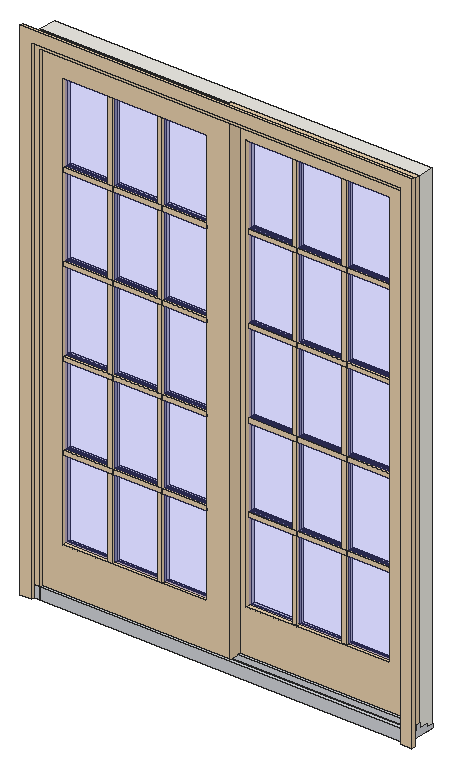
Revit family "Door-Gliding-Andersen-A_Series-Double 3", category Doors, host Wall, Revit 2013
Parameters
  Visual Light Transmittance = 0.4  # constant formula
  Type Comments = "Fiberglass-Clad and Flexacron Finished Wood Gliding Patio Door"  # constant formula
  Thermal Resistance (R) = 0.58698  # 3.3330 (h·ft²·°F)/BTU
  Solar Heat Gain Coefficient = 0.18  # constant formula
  Rough Width = Width + (Rough Opening Offset * 2)  # 6' - 0 1/2"
  Rough Opening Offset = 0' - 0 1/4"
  Rough Height = if(1 > 0, Height + 0' 0 1/2", 0' 0")  # 8' - 0 1/2"
  Masonry Width = if(Enter Exterior Trim Number > 0, Width + ((casing4 + Masonry Opening Offset) * 2), Width + (Masonry Opening Offset * 2))  # 6' - 0 1/2"
  Masonry Opening Offset = 0' - 0 1/4"
  Masonry Height = if(Enter Exterior Trim Number > 0, Height + (casing4 + 0' 0 1/2"), Height + 0' 0 1/2")  # 8' - 0 1/2"
  Learn About These Parameters = "http://www.andersenwindows.com/for-professionals/cad-symbols-bim-support-window-doors/bim-support"
  Interior Material = Wood - Andersen - Pine
  Interior Grille Bar Visibility = yes
  Heat Transfer Coefficient (U) = 1.7035  # 0.3000 BTU/(h·ft²·°F)
  Grille Bar Sizes = "3/4'', 7/8'', 1 1/8'', 2 1/4''"  # constant formula
  Exterior Grille Bar Visibility = yes
  Between Glass Grille Bar Sizes = "3/4'', 1''"  # constant formula
  Interior Trim Visibility = yes
  Grille Bar Size = 0' - 0 7/8"
  Enter Pattern Number = 1
  Analytic Construction = "<None>"
  ..Pattern Number 1 = "Colonial"  # constant formula
  . . Lights Wide = 3
  . . Lights High = 5
  ..Pattern Number 2 = "Modified Colonial"  # constant formula
  ..Pattern Number 3 = "Prairie"  # constant formula
  ..Pattern Number 4 = "Short Fractional"  # constant formula
  ..Pattern Number 5 = "Tall Fractional"  # constant formula
  Extension Jamb Visibility = yes
  Enter Exterior Trim Number = 0
  ..Exterior Trim Number 0 = "No Exterior Trim"  # constant formula
  ..Exterior Trim  Number 1 = "Brick Mould"  # constant formula
  ..Exterior Trim Number 2 = "3 1/2'' Flat Casing"  # constant formula
  ..Exterior Trim  Number 3 = "4 1/2'' Flat Casing"  # constant formula
  Between Glass Grille Bar Visibility = yes
  xjamb Visibility [instance] = and(Extension Jamb Visibility, Wall Depth > 0' 4 9/16")  # no
  xjamb S1 [instance] = if(Wall Depth < 0' 4 5/8", 0' 0 1/16", 0' 0")  # 0' - 0 1/16"
  casingS2 = if(Enter Exterior Trim Number = 1, 0' 0 3/16", 0' 0 3/16")  # 0' - 0 3/16"
  casingS1 = if(Enter Exterior Trim Number = 1, 0' 0 7/16", 0' 0 3/16")  # 0' - 0 3/16"
  casing4 = if(Enter Exterior Trim Number = 1, 0' 1 3/4", if(Enter Exterior Trim Number = 2, 0' 3 1/4", 0' 4 1/4"))  # 0' - 4 1/4"
  casing3 = 0' - 0 1/2"  # constant formula
  casing2 = 0' - 0 7/8"  # constant formula
  casing1 = 0' - 0 1/4"  # constant formula
  Wall Thickness [instance] = 0' - 8"
  Wall Depth [instance] = 0' - 4 9/16"
  Void Offset 1 [instance] = if(Enter Exterior Trim Number > 0, casing4, 0' 0")  # 0' - 0"
  Void Depth [instance] = if(Wall Thickness > Wall Depth, 0' 1" + Wall Thickness - Wall Depth, 0' 1")  # 0' - 4 7/16"
  VGB DLO = if(Enter Pattern Number = 3, 0' 4", (H DLO - (Grille Bar Size * (V Bars))) / if(LWide > 2, LWide, 3))  # 0' - 8.58333"
  V Bars = if(Enter Pattern Number = 3, 2, if(LWide > 2, LWide - 1, 2))  # 2
  URL = "www.andersenwindows.com"
  TS V DLO = Height - HGO - SGO  # 6' - 7 7/8"
  TS V Bar Length = if(or(Enter Pattern Number = 5, Enter Pattern Number = 2), ((((Height - HGO - SGO - (Grille Bar Size * (Fractional Lights High - 1))) / Fractional Lights High)) * TFL) + (TFB * Grille Bar Size), if(Enter Pattern Number = 4, ((Height - HGO - SGO - (Grille Bar Size * (Fractional Lights High - 1))) / Fractional Lights High), Height - HGO - SGO))  # 6' - 7 7/8"
  TS SH DLO = if(or(Enter Pattern Number = 5, Enter Pattern Number = 2), ((((Height - HGO - SGO - (Grille Bar Size * (Fractional Lights High - 1))) / Fractional Lights High)) * TFL) + (TFB * Grille Bar Size) + HGO + (Grille Bar Size / 2), if(Enter Pattern Number = 4, TS V Bar Length + HGO + (Grille Bar Size / 2), (TS V DLO / 2) + HGO))  # 3' - 9 9/16"
  TS S V = or(and(LWide = 2, Enter Pattern Number = 1), and(Fractional Lights Wide = 2, or(or(Enter Pattern Number = 2, Enter Pattern Number = 4), Enter Pattern Number = 5)))  # no
  TS S H Craftsman = and(Enter Pattern Number = 2, or(Fractional Lights High = 4, Fractional Lights High = 5))  # no
  TS S H = or(or(or(and(. . Lights High = 2, Enter Pattern Number = 1), and(Enter Pattern Number = 4, Fractional Lights High > 1)), and(Enter Pattern Number = 5, Fractional Lights High > 1)), and(Enter Pattern Number = 2, Fractional Lights High > 1))  # no
  TS M V = and(Enter Pattern Number > 0, LWide > 2)  # yes
  TS M H = or(or(Enter Pattern Number = 3, and(. . Lights High > 2, Enter Pattern Number = 1)), and(Enter Pattern Number = 2, Fractional Lights High > 5))  # yes
  TS HGB DLO = if(Enter Pattern Number = 1, if(. . Lights High > 2, ((TS V Bar Length - (Grille Bar Size * (. . Lights High - 1))) / . . Lights High), 0' 4"), if(Enter Pattern Number = 3, 0' 4", if(Fractional Lights High > 2, ((TS V Bar Length - (Grille Bar Size * 2)) / 3), 0' 4")))  # 1' - 3.275"
  TS H Bars = if(Enter Pattern Number = 3, 2, if(Enter Pattern Number = 1, if(. . Lights High > 2, . . Lights High - 1, 2), 2))  # 4
  TFL = if(Fractional Lights High > 5, 3, if(or(Fractional Lights High = 4, Fractional Lights High = 5), 2, if(or(Fractional Lights High = 2, Fractional Lights High = 3), 1, 1)))  # 2
  TFB = TFL - 1  # 1
  Sill Interior Offset [instance] = 0' - 0"  # constant formula
  Sill Height [instance] = 0' - 2 3/16"  # constant formula
  Panel Bottom Inset [instance] = 0' - 2 5/32"  # constant formula
  Sill Depth [instance] = 0' - 6 3/16"  # constant formula
  SGO = 0' - 10 1/2"  # constant formula
  Product Documentation Link = "http://www.andersenwindows.com/products/a-series-gliding-patio-door/"
  Panel Width = ((Width / 2) - 0' 1 3/4") + 0' 3"  # 3' - 1 1/4"
  Panel Height [instance] = (CTRL Height - 0' 0 1/2" - Panel Bottom Inset) - 0' 0 15/32"  # 7' - 8 7/8"
  Nail Fin Visibility = Enter Exterior Trim Number = 0  # yes
  Model = "A-Series Gliding"  # constant formula
  Manufacturer = "Andersen Corporation"  # constant formula
  LWide = if(Enter Pattern Number = 3, 3, if(Enter Pattern Number = 1, . . Lights Wide, Fractional Lights Wide))  # 3
  JGO = 0' - 5 5/8"  # constant formula
  Is Gliding = 1 = 1  # yes
  Interior Trim Size = 0' - 2 1/4"
  Horizontal Craftsman Bar Size = 0' - 0 3/4"
  HGO = 0' - 5 5/8"  # constant formula
  H DLO = (Width / 2) - JGO - 0' 2 7/8"  # 2' - 3 1/2"
  Glazing Material = Glass ‐ Andersen - Low-E4 SmartSun
  Function = Exterior
  Height = 8' - 0"
  Wall Closure = By host
  Width = 6' - 0"
  Frame Interior Inset [instance] = 0' - 0"  # constant formula
  Frame Depth [instance] = 0' - 5 7/8"  # constant formula
  Fractional Lights Wide = 3
  Fractional Lights High = 5
  Family Version = "01.01.15"  # constant formula
  Exterior Unit Finish = Fiberglass - Andersen - White
  Exterior Trim Finish = Fibrex Composite - Andersen - White
  Designation = "FWGD"
  Description = "Fiberglass-Clad and Flexacron Finished Wood Gliding Patio Door"  # constant formula
  Coarse Plan [instance] = if(Wall Depth > Wall Thickness, Wall Thickness, Wall Depth)  # 0' - 4 9/16"
  Casing Visibility [instance] = Enter Exterior Trim Number > 0  # no
  CTRL Height [instance] = Height  # 8' - 0"
  Between Glass Grille Bar Finish = Stainless Steel - Andersen - Standard
  BS V DLO = Height - HGO - SGO  # 6' - 7 7/8"
  BS SH DLO = if(Enter Pattern Number = 5, SGO + 0' 4" + (Grille Bar Size / 2), (BS V DLO / 2) + SGO)  # 4' - 2 7/16"
  BS S V = and(LWide = 2, Enter Pattern Number = 1)  # no
  BS S H = no
  BS M V = or(or(and(LWide > 2, Enter Pattern Number = 1), Enter Pattern Number = 3), Enter Pattern Number = 5)  # yes
  BS M H = no
  BS HGB DLO = 0' - 2"
  BS H Bars = 2
Reference planes (in)
  plane 1 "Center (Front/Back)": y = 0
  plane 2 "Center (Left/Right)": x = 0
  plane 3 "R Frame": x = -36
  plane 4 "L Frame": x = 36
  plane 5 "T Frame": z = 96
  plane 6 "Wall S1": y = 3.71875
  plane 7 "Wall S2": y = -4.28125
  plane 8 "Interior Casing": y = -4.90625
  plane 9 "Frame S2": y = -4.28125
  plane 10 "Flange": y = 0.28125
  plane 11 "Frame S1": y = 1.59375
  plane 12 "Casing S2": y = 1.78125
  plane 13 "Casing S1": y = 1.78125
  plane 14 "Exterior Offset": y = 4.71875
  plane 15 "Coarse Detail Plan": y = 1.5625
  plane 16 "R Rough Opening": x = -36.25
  plane 17 "R Casing 1": x = -35.75
  plane 18 "R Casing 2": x = -39.375
  plane 19 "R Casing 3": x = -39.75
  plane 20 "R Casing 4": x = -40.25
  plane 21 "R Masonry Opening": x = -36.25
  plane 22 "L Masonry Opening": x = 36.25
  plane 23 "L Casing 4": x = 40.25
  plane 24 "L Casing 3": x = 39.75
  plane 25 "L Casing 2": x = 39.375
  plane 26 "L Casing 1": x = 35.75
  plane 27 "L Rough Opening": x = 36.25
  plane 28 "T Rough Opening": z = 96.5
  plane 29 "T Casing 1": z = 95.75
  plane 30 "T Casing 2": z = 99.375
  plane 31 "T Casing 3": z = 99.75
  plane 32 "T Casing 4": z = 100.25
  plane 33 "T Masonry Opening": z = 96.5
  plane 34 "R Int Casing": x = -37.5
  plane 35 "R Xjamb 2": x = -35.875
  plane 36 "R Xjamb 1": x = -35.25
  plane 37 "L Int Casing": x = 37.5
  plane 38 "L Xjamb 2": x = 35.875
  plane 39 "L Xjamb 1": x = 35.25
  plane 40 "T Int Casing": z = 97.5
  plane 41 "T Xjamb 2": z = 95.875
  plane 42 "T Xjamb 1": z = 95.25
  plane 43 "L Panel": x = 34.8125
  plane 44 "T Panel": z = 94.82831
  plane 45 "B Panel": z = 1.95331
  plane 46 "B Glazing": z = 10.5
  plane 47 "T Glazing": z = 90.375
  plane 48 "L Glazing": x = 30.375
  plane 49 "R Glazing": x = -30.375
  plane 50 "Panel1 S1": y = -1.88625
  plane 51 "Panel1 S2": y = -3.60625
  plane 52 "Xjamb S1": y = -4.21875
  plane 53 "Frame S2 Ext": y = 1.59375
  plane 54 "Stop Exterior": y = -1.7389
  plane 55 "Stop Interior": y = -2.12494
  plane 56 "Sill Interior": y = -4.28125
  plane 57 "Sill Exterior": y = 1.90625
  plane 58 "L Stop": x = 34.25
  plane 59 "R Stop": x = -34.256
  plane 60 "T Stop": z = 94.256
  plane 61 "Sill Height": z = 2.1875
  plane 62 "Panel2 S1": y = 0.44775
  plane 63 "Panel2 S2": y = -1.27225
  plane 64 "R Panel Width": x = 1.5625
  plane 65 "L Panel Width": x = -1.5625
  plane 66 "R Panel Jamb": x = -2.875
  plane 67 "L Panel Jamb": x = 2.875
  plane 68 "Panel 1 Glazing 1": y = -3.06634
  plane 69 "Panel 1 Glazing 2": y = -2.31634
  plane 70 "Panel 2 Glazing 2": y = -0.73234
  plane 71 "Panel 2 Glazing 1": y = 0.01766
  plane 72 "Panel Elevation Center": z = 48.39081
  plane 73 "Vertical Bar Length": z = 10.5
  plane 74 "Slade Arrow": x = -22.375
  plane 75 "R Panel": x = -34.8125
Forms (in)
  Extrusion 1, void
    sketch origin (0, 0, 0) x (1, 0, 0) y (0, 0, 1)
      loop
        line (36, 96) -> (-36, 96) -> (-36, 0) -> (36, 0) -> (36, 96)
    from -0.28125 to 4.28125
  Extrusion 2, void
    sketch origin (0, 0, 0) x (1, 0, 0) y (0, 0, 1)
      loop
        line (36, 96) -> (-36, 96) -> (-36, 0) -> (36, 0) -> (36, 96)
    from -15.71875 to -0.28125
  Sweep 3, solid, material "Fibrex Composite - Andersen - White" <- "Exterior Trim Finish", visible <- "Casing Visibility", detail levels medium+fine
    path origin (0, 0.28125, 0) x (-1, 0, 0) y (0, 0, 1)
      loop
        line (-40.25, 0) -> (-40.25, 100.25) -> (40.25, 100.25) -> (40.25, 0)
    profile origin (40.25, 0.28125, 50.125) x (1, 0, 0) y (0, 1, 0)
      loop
        line (-0.875, 1.5) -> (-4.5, 1.5) -> (-4.5, 0) -> (0, 0) -> (0, 1.5) -> (-0.5, 1.5) -> (-0.875, 1.5)
  Extrusion 4, solid, material "Fibrex Composite - Andersen - White" <- "Exterior Trim Finish", visible <- "Casing Visibility", detail levels coarse
    sketch origin (0, 0.28125, 0) x (-1, 0, 0) y (0, 0, 1)
      loop
        line (-35.75, 95.75) -> (35.75, 95.75) -> (35.75, 0) -> (40.25, 0) -> (40.25, 100.25) -> (-40.25, 100.25) -> (-40.25, 0) -> (-35.75, 0) -> (-35.75, 95.75)
    from 0 to 1.5
  Extrusion 5, solid, material "Wood - Andersen - Pine" <- "Interior Material", visible <- "Interior Trim Visibility", detail levels fine
    sketch origin (0, 0, 0) x (1, 0, 0) y (0, 0, 1)
      loop
        line (-35.25, 95.25) -> (35.25, 95.25) -> (35.25, 0) -> (37.5, 0) -> (37.5, 97.5) -> (-37.5, 97.5) -> (-37.5, 0) -> (-35.25, 0) -> (-35.25, 95.25)
    from 4.28125 to 4.90625
  Extrusion 6, solid, material "Wood - Andersen - Pine" <- "Interior Material", visible <- "xjamb Visibility", detail levels medium+fine
    sketch origin (0, 0, 0) x (1, 0, 0) y (0, 0, 1)
      loop
        line (-35.875, 0) -> (-35.25, 0) -> (-35.25, 95.25) -> (35.25, 95.25) -> (35.25, 0) -> (35.875, 0) -> (35.875, 95.875) -> (-35.875, 95.875) -> (-35.875, 0)
    from 4.21875 to 4.28125
  Sweep 7, solid, material "Fiberglass - Andersen - White" <- "Exterior Unit Finish", detail levels medium+fine
    path origin (0, 0.01766, 0) x (-1, 0, 0) y (0, 0, 1)
      loop
        line (36, 0) -> (36, 96) -> (0, 96)
    profile origin (-36, 0.01766, 48) x (1, 0, 0) y (0, 1, 0)
      loop
        line (0, 1.57609) -> (0, -1.90391) -> (1.744, -1.90391) -> (1.744, -1.28991) -> (1.1875, -1.28991) -> (1.1875, 0.43009) -> (1.572, 0.43009) -> (1.572, 0.52009) -> (0.75, 0.52009) -> (0.75, 1.57609) -> (0, 1.57609)
  Sweep 8, solid, material "Fiberglass - Andersen - White" <- "Exterior Unit Finish", detail levels medium+fine
    path origin (0, 0.01766, 0) x (-1, 0, 0) y (0, 0, 1)
      loop
        line (-36, 0) -> (-36, 96) -> (0, 96)
    profile origin (36, 0.01766, 48) x (1, 0, 0) y (0, 1, 0)
      loop
        line (0, -1.28991) -> (0, 1.57609) -> (-0.75, 1.57609) -> (-0.75, 0.51959) -> (-1.572, 0.51959) -> (-1.572, 0.43009) -> (-1.1875, 0.43009) -> (-1.1875, -1.28991) -> (0, -1.28991)
  Extrusion 9, solid, material "Wood - Andersen - Pine" <- "Interior Material"
    sketch origin (0, 0.28125, 0) x (-1, 0, 0) y (0, 0, 1)
      loop
        line (-34.8125, 94.82831) -> (-34.8125, 1.95331) -> (0, 1.95331) -> (0, 94.82831) -> (-34.8125, 94.82831)
      loop
        line (-30.375, 90.375) -> (-30.375, 10.5) -> (-2.875, 10.5) -> (-2.875, 90.375) -> (-30.375, 90.375)
    from -1.5535 to -0.26359
  Extrusion 10, solid, material "Wood - Andersen - Pine" <- "Interior Material"
    sketch origin (0, 0.28125, 0) x (-1, 0, 0) y (0, 0, 1)
      loop
        line (0, 94.82831) -> (0, 1.95331) -> (34.8125, 1.95331) -> (34.8125, 94.82831) -> (0, 94.82831)
      loop
        line (2.875, 90.375) -> (2.875, 10.5) -> (30.375, 10.5) -> (30.375, 90.375) -> (2.875, 90.375)
    from -3.8875 to -2.59759
  Extrusion 11, solid, material "Fiberglass - Andersen - White" <- "Exterior Unit Finish"
    sketch origin (0, 0.28125, 0) x (-1, 0, 0) y (0, 0, 1)
      loop
        line (-34.8125, 94.82831) -> (-34.8125, 1.95331) -> (0, 1.95331) -> (0, 94.82831) -> (-34.8125, 94.82831)
      loop
        line (-30.375, 90.375) -> (-30.375, 10.5) -> (-2.875, 10.5) -> (-2.875, 90.375) -> (-30.375, 90.375)
    from -0.26359 to 0.1665
  Extrusion 12, solid, material "Fiberglass - Andersen - White" <- "Exterior Unit Finish"
    sketch origin (0, 0.28125, 0) x (-1, 0, 0) y (0, 0, 1)
      loop
        line (0, 94.82831) -> (0, 1.95331) -> (34.8125, 1.95331) -> (34.8125, 94.82831) -> (0, 94.82831)
      loop
        line (2.875, 90.375) -> (2.875, 10.5) -> (30.375, 10.5) -> (30.375, 90.375) -> (2.875, 90.375)
    from -2.59759 to -2.1675
  Extrusion 13, solid, material "Glass ‐ Andersen - Low-E4 SmartSun" <- "Glazing Material"
    sketch origin (0, 0.28125, 0) x (-1, 0, 0) y (0, 0, 1)
      loop
        line (-30.375, 90.375) -> (-30.375, 10.5) -> (-2.875, 10.5) -> (-2.875, 90.375) -> (-30.375, 90.375)
    from -1.01359 to -0.26359
  Extrusion 14, solid, material "Glass ‐ Andersen - Low-E4 SmartSun" <- "Glazing Material"
    sketch origin (0, 0.28125, 0) x (-1, 0, 0) y (0, 0, 1)
      loop
        line (2.875, 90.375) -> (2.875, 10.5) -> (30.375, 10.5) -> (30.375, 90.375) -> (2.875, 90.375)
    from -3.34759 to -2.59759
  Extrusion 15, solid, material "Fiberglass - Andersen - White" <- "Exterior Unit Finish"
    sketch origin (0, 0, 0) x (1, 0, 0) y (0, 1, 0)
      loop
        line (-1.5625, 0.44775) -> (-1.5625, -1.88625) -> (0, -1.88625) -> (0, 0.44775) -> (-1.5625, 0.44775)
    from 1.95331 to 94.82831
  Extrusion 16, solid, material "Wood - Andersen - Pine" <- "Interior Material"
    sketch origin (0, 0, 0) x (1, 0, 0) y (0, 1, 0)
      loop
        line (0, -1.27225) -> (0, -3.60625) -> (1.5625, -3.60625) -> (1.5625, -1.27225) -> (0, -1.27225)
    from 1.95331 to 94.82831
  Sweep 17, solid, material "Wood - Andersen - Pine" <- "Interior Material", detail levels medium+fine
    path origin (0, 0.28125, 0) x (-1, 0, 0) y (0, 0, 1)
      loop
        line (36, 0) -> (36, 96) -> (-36, 96)
    profile origin (-36, 0.28125, 48) x (1, 0, 0) y (0, 1, 0)
      loop
        line (0, -2.1675) -> (0, -4.5625) -> (1.744, -4.5625) -> (1.744, -3.8875) -> (1.1875, -3.8875) -> (1.1875, -2.1675) -> (0, -2.1675)
  Extrusion 18, solid, material "Wood - Andersen - Pine" <- "Interior Material", detail levels medium+fine
    sketch origin (0, 0, 0) x (1, 0, 0) y (0, 1, 0)
      loop
        line (36, -4.28125) -> (36, -1.27225) -> (34.031, -1.27225) -> (34.031, -2.1896) -> (34.655, -2.70725) -> (34.984, -2.70725) -> (34.984, -4.28125) -> (36, -4.28125)
    from 0 to 96
  Extrusion 19, solid, detail levels medium+fine
    sketch origin (0, 0, 0) x (0, 1, 0) y (0, 0, 1)
      loop
        line (-4.28125, 0) -> (1.90625, 0) -> (1.90625, 0.74863) -> (0.44775, 0.82461) -> (0.44775, 1.29292) -> (-1.27225, 1.46945) -> (-1.27225, 2.1875) -> (-1.88625, 2.1875) -> (-1.88625, 1.18788) -> (-3.60625, 1.42794) -> (-3.60625, 2.1875) -> (-4.28125, 2.1875) -> (-4.28125, 0)
    from -36 to 36
  Extrusion 20, solid, material "Wood - Andersen - Pine" <- "Interior Material", detail levels medium+fine
    sketch origin (0, 0, 0) x (0, 1, 0) y (0, 0, 1)
      loop
        line (-1.27225, 96) -> (-1.88625, 96) -> (-1.88625, 94.256) -> (-1.27225, 94.256) -> (-1.27225, 96)
    from 0 to 36
  Extrusion 21, solid, detail levels medium+fine
    sketch origin (0, 0, 0) x (0, 1, 0) y (0, 0, 1)
      loop
        line (0.44775, 1.95331) -> (-1.27225, 1.95331) -> (-1.27225, 1.46945) -> (0.44775, 1.29292) -> (0.44775, 1.95331)
    from -1.5625 to 34.8125
  Extrusion 22, solid, material "Fiberglass - Andersen - White" <- "Exterior Unit Finish", detail levels coarse
    sketch origin (0, 0.28125, 0) x (-1, 0, 0) y (0, 0, 1)
      loop
        line (-36, 0) -> (-34.8125, 0) -> (-34.8125, 94.82831) -> (34.8125, 94.82831) -> (34.8125, 0) -> (36, 0) -> (36, 96) -> (-36, 96) -> (-36, 0)
    from -1.5535 to 1.3125
  Extrusion 23, solid, detail levels coarse
    sketch origin (0, 0, 0) x (0, 1, 0) y (0, 0, 1)
      loop
        line (1.59375, 1.95331) -> (-4.28125, 1.95331) -> (-4.28125, 0) -> (1.59375, 0) -> (1.59375, 1.95331)
    from -36 to 36
  Extrusion 24, solid, material "Wood - Andersen - Pine" <- "Interior Material", detail levels coarse
    sketch origin (0, 0.28125, 0) x (-1, 0, 0) y (0, 0, 1)
      loop
        line (-36, 0) -> (-34.8125, 0) -> (-34.8125, 94.82831) -> (34.8125, 94.82831) -> (34.8125, 0) -> (36, 0) -> (36, 96) -> (-36, 96) -> (-36, 0)
    from -4.5625 to -1.5535
Cuts and joins
  joined: Sweep 7, Sweep 8
  joined: Extrusion 11, Extrusion 15
  joined: Sweep 17, Extrusion 18, Extrusion 20
  joined: Extrusion 10, Extrusion 16
Lines and regions (in)
  Masking region 1, visible <- "Casing Visibility"
    outline origin (0, 0, 0) x (0, 1, 0) y (0, 0, 1)
      loop
        line (0.28125, 96) -> (1.59375, 96) -> (1.59375, 0) -> (1.78125, 0) -> (1.78125, 100.25) -> (0.28125, 100.25) -> (0.28125, 96)
  Masking region 2
    outline origin (0, 0, 0) x (1, 0, 0) y (0, 1, 0)
      loop
        line (-36, 1.59375) -> (-36, -4.28125) -> (36, -4.28125) -> (36, 1.59375) -> (-36, 1.59375)
  Masking region 3
    outline origin (0, 0, 0) x (0, 1, 0) y (0, 0, 1)
      loop
        line (1.59375, 96) -> (-4.28125, 96) -> (-4.28125, 0) -> (1.90625, 0) -> (1.90625, 0.74863) -> (1.59375, 0.76491) -> (1.59375, 96)
  Masking region 4, visible <- "Casing Visibility", detail levels fine
    outline origin (0, 0, 0) x (1, 0, 0) y (0, 1, 0)
      loop
        line (-39.75, 1.78125) -> (-40.25, 1.78125) -> (-40.25, 0.28125) -> (-36, 0.28125) -> (-36, 1.59375) -> (-35.75, 1.59375) -> (-35.75, 1.78125) -> (-39.375, 1.78125) -> (-39.75, 1.78125)
  Masking region 5, visible <- "Casing Visibility", detail levels fine
    outline origin (0, 0, 0) x (1, 0, 0) y (0, 1, 0)
      loop
        line (39.75, 1.78125) -> (39.375, 1.78125) -> (35.75, 1.78125) -> (35.75, 1.59375) -> (36, 1.59375) -> (36, 0.28125) -> (40.25, 0.28125) -> (40.25, 1.78125) -> (39.75, 1.78125)
  Masking region 6, visible <- "Casing Visibility", detail levels coarse+medium
    outline origin (0, 0, 0) x (1, 0, 0) y (0, 1, 0)
      loop
        line (-40.25, 1.78125) -> (-40.25, 0.28125) -> (-36, 0.28125) -> (-36, 1.78125) -> (-40.25, 1.78125)
  Masking region 7, visible <- "Casing Visibility", detail levels coarse+medium
    outline origin (0, 0, 0) x (1, 0, 0) y (0, 1, 0)
      loop
        line (36, 1.78125) -> (36, 0.28125) -> (40.25, 0.28125) -> (40.25, 1.78125) -> (36, 1.78125)
  Masking region 8, visible <- "Casing Visibility"
    outline origin (0, 1.90625, 0) x (-1, 0, 0) y (0, 0, 1)
      loop
        line (-40.25, 100.25) -> (-40.25, 0) -> (-36, 0) -> (-36, 96) -> (36, 96) -> (36, 0) -> (40.25, 0) -> (40.25, 100.25) -> (-40.25, 100.25)
  Masking region 9, visible <- "Interior Trim Visibility", detail levels fine
    outline origin (0, -4.90625, 0) x (-1, 0, 0) y (0, 0, 1)
      loop
        line (-37.5, 97.5) -> (-37.5, 0) -> (-35.25, 0) -> (-35.25, 95.25) -> (35.25, 95.25) -> (35.25, 0) -> (37.5, 0) -> (37.5, 97.5) -> (-37.5, 97.5)
  Masking region 10
    outline origin (0, -4.28125, 0) x (-1, 0, 0) y (0, 0, 1)
      loop
        line (-36, 96) -> (-36, 0) -> (36, 0) -> (36, 96) -> (-36, 96)
      loop
        line (-34.25, 94.256) -> (-34.25, 2.1875) -> (34.256, 2.1875) -> (34.256, 94.256) -> (-34.25, 94.256)
  Masking region 11
    outline origin (0, 1.90625, 0) x (-1, 0, 0) y (0, 0, 1)
      loop
        line (36, 96) -> (-36, 96) -> (-36, 0) -> (36, 0) -> (36, 96)
      loop
        line (34.256, 94.256) -> (-34.25, 94.256) -> (-34.25, 1.95331) -> (34.256, 1.95331) -> (34.256, 94.256)
  Masking region 12
    outline origin (0, -1.88625, 0) x (-1, 0, 0) y (0, 0, 1)
      loop
        line (34.8125, 94.82831) -> (-1.5625, 94.82831) -> (-1.5625, 1.95331) -> (34.8125, 1.95331) -> (34.8125, 94.82831)
  Masking region 13
    outline origin (0, -1.27225, 0) x (-1, 0, 0) y (0, 0, 1)
      loop
        line (1.5625, 94.82831) -> (-34.8125, 94.82831) -> (-34.8125, 1.95331) -> (1.5625, 1.95331) -> (1.5625, 94.82831)
  Masking region 14, visible <- "Interior Trim Visibility", detail levels fine
    outline origin (0, 0, 0) x (1, 0, 0) y (0, 1, 0)
      loop
        line (-37.5, -4.28125) -> (-37.5, -4.90625) -> (-35.25, -4.90625) -> (-35.25, -4.28125) -> (-37.5, -4.28125)
  Masking region 15, visible <- "xjamb Visibility", detail levels medium+fine
    outline origin (0, 0, 0) x (1, 0, 0) y (0, 1, 0)
      loop
        line (-35.875, -4.21875) -> (-35.875, -4.28125) -> (-35.25, -4.28125) -> (-35.25, -4.21875) -> (-35.875, -4.21875)
  Masking region 16, visible <- "Interior Trim Visibility", detail levels fine
    outline origin (0, 0, 0) x (1, 0, 0) y (0, 1, 0)
      loop
        line (35.25, -4.28125) -> (35.25, -4.90625) -> (37.5, -4.90625) -> (37.5, -4.28125) -> (35.25, -4.28125)
  Masking region 17, visible <- "xjamb Visibility", detail levels medium+fine
    outline origin (0, 0, 0) x (1, 0, 0) y (0, 1, 0)
      loop
        line (35.25, -4.21875) -> (35.25, -4.28125) -> (35.875, -4.28125) -> (35.875, -4.21875) -> (35.25, -4.21875)
  Masking region 18, visible <- "Interior Trim Visibility", detail levels fine
    outline origin (0, 0, 0) x (0, 1, 0) y (0, 0, 1)
      loop
        line (-4.28125, 97.5) -> (-4.90625, 97.5) -> (-4.90625, 0) -> (-4.28125, 0) -> (-4.28125, 97.5)
  Masking region 19, visible <- "xjamb Visibility", detail levels medium+fine
    outline origin (0, 0, 0) x (0, 1, 0) y (0, 0, 1)
      loop
        line (-4.21875, 95.875) -> (-4.28125, 95.875) -> (-4.28125, 0) -> (-4.21875, 0) -> (-4.21875, 95.875)
  Split face 1
    outline origin (0, 0.01766, 96) x (0, 1, 0) y (0, 0, 1)
  symbolic lines, style "DoorsFrameMullionProjection", visible <- "Casing Visibility", detail levels medium+fine
    curve 1: line (0, 1.78125, 99.75) -> (0, 1.78125, 99.375)
    curve 2: line (0, 1.78125, 99.375) -> (0, 1.78125, 95.75)
    curve 3: line (0, 1.78125, 95.75) -> (0, 1.59375, 95.75)
  symbolic lines, style "DoorsFrameMullionProjection", detail levels coarse
    curve 4: line (0, 1.59375, 96) -> (0, 1.78125, 96)
    curve 5: line (34.8125, 1.59375, 2.1562) -> (34.8125, -4.28125, 2.1562)
    curve 56: line (-34.8125, 1.59375, 2.1562) -> (-34.8125, -4.28125, 2.1562)
  symbolic lines, style "DoorsFrameMullionProjection", detail levels medium+fine
    curve 6: line (-35.625, -4.28125, 1.95331) -> (-36, -4.28125, 1.95331)
    curve 90: line (34.8125, 0.44775, 1.38489) -> (34.8125, -1.27225, 1.38489)
    curve 91: line (34.655, -2.70725, 1.38489) -> (34.031, -2.1896, 1.38489)
    curve 92: line (34.984, -2.70725, 1.38489) -> (34.984, -4.28125, 1.38489)
    curve 98: line (34.8125, 0.44775, 0) -> (34.428, 0.44775, 0)
    curve 99: line (34.428, 0.44775, 0) -> (34.428, 0.53725, 0)
    curve 100: line (34.428, 0.53725, 0) -> (35.25, 0.53725, 0)
    curve 101: line (34.031, -1.27225, 0) -> (34.031, -2.1896, 0)
    curve 102: line (34.031, -1.27225, 0) -> (34.8125, -1.27225, 0)
    curve 108: line (-34.256, -3.60625, 0) -> (-34.256, -4.28125, 0)
    curve 109: line (-34.8125, -1.27225, 0) -> (-34.8125, 0.44775, 0)
    curve 110: line (-34.256, -1.27225, 0) -> (-34.8125, -1.27225, 0)
    curve 111: line (-34.256, -1.88625, 0) -> (-34.256, -1.27225, 0)
    curve 112: line (-34.8125, -1.88625, 0) -> (-34.256, -1.88625, 0)
    curve 113: line (-34.8125, -3.60625, 0) -> (-34.8125, -1.88625, 0)
    curve 114: line (-34.256, -3.60625, 0) -> (-34.8125, -3.60625, 0)
    curve 191: line (-34.428, 0.53775, 0) -> (-35.25, 0.53775, 0)
    curve 194: line (-34.428, 0.44775, 0) -> (-34.428, 0.53775, 0)
    curve 195: line (-34.8125, 0.44775, 0) -> (-34.428, 0.44775, 0)
    curve 196: line (-37.625, 0.28125, 0) -> (-36, 0.28125, 0)
    curve 204: line (34.655, -2.70725, 0) -> (34.984, -2.70725, 0)
    curve 208: line (36, 0.28125, 0) -> (37.625, 0.28125, 0)
  symbolic lines, style "DoorsFrameMullionProjection", not visible, detail levels medium+fine
    curve 7: line (32.5625, 1.38525, 1.38489) -> (32.5625, -0.33475, 1.38489)
    curve 8: line (32.405, -1.76975, 1.38489) -> (31.781, -1.2521, 1.38489)
    curve 9: line (32.734, -1.76975, 1.38489) -> (32.734, -3.34375, 1.38489)
    curve 103: line (32.5625, 1.38525, 0) -> (32.178, 1.38525, 0)
    curve 104: line (32.178, 1.38525, 0) -> (32.178, 1.47475, 0)
    curve 105: line (32.178, 1.47475, 0) -> (33, 1.47475, 0)
    curve 106: line (31.781, -0.33475, 0) -> (31.781, -1.2521, 0)
    curve 107: line (31.781, -0.33475, 0) -> (32.5625, -0.33475, 0)
    curve 115: line (32.006, -2.66875, 0) -> (32.006, -3.34375, 0)
    curve 116: line (32.5625, -0.33475, 0) -> (32.5625, 1.38525, 0)
    curve 117: line (32.006, -0.33475, 0) -> (32.5625, -0.33475, 0)
    curve 118: line (32.006, -0.94875, 0) -> (32.006, -0.33475, 0)
    curve 119: line (32.5625, -0.94875, 0) -> (32.006, -0.94875, 0)
    curve 120: line (32.5625, -2.66875, 0) -> (32.5625, -0.94875, 0)
    curve 121: line (32.006, -2.66875, 0) -> (32.5625, -2.66875, 0)
    curve 198: line (32.178, 1.47525, 0) -> (33, 1.47525, 0)
    curve 201: line (32.178, 1.38525, 0) -> (32.178, 1.47525, 0)
    curve 202: line (32.5625, 1.38525, 0) -> (32.178, 1.38525, 0)
    curve 203: line (35.375, 1.21875, 0) -> (33.75, 1.21875, 0)
    curve 209: line (32.405, -1.76975, 0) -> (32.734, -1.76975, 0)
    curve 213: line (33.75, 1.21875, 0) -> (35.375, 1.21875, 0)
  symbolic lines, style "DoorsFrameMullionProjection"
    curve 10: line (0, 0.53775, 95.25) -> (0, 0.53775, 94.428)
    curve 11: line (0, 0.44775, 94.82831) -> (0, -1.27225, 94.82831)
    curve 12: line (0, -1.27225, 94.82831) -> (0, -1.27225, 94.256)
    curve 13: line (0, -1.27225, 94.256) -> (0, -1.88625, 94.256)
    curve 14: line (0, -1.88625, 94.256) -> (0, -1.88625, 94.82831)
    curve 15: line (0, -1.88625, 94.82831) -> (0, -3.60625, 94.82831)
    curve 16: line (0, -3.60625, 94.82831) -> (0, -3.60625, 94.256)
    curve 17: line (0, -3.60625, 94.256) -> (0, -4.28125, 94.256)
    curve 26: line (0, 1.90625, 0) -> (0, 1.90625, 0.74863)
    curve 27: line (0, 1.90625, 0.74863) -> (0, 0.53775, 0.81992)
    curve 28: line (0, 0.53775, 0.81992) -> (0, 0.53775, 1.859)
    curve 29: line (0, 0.53775, 1.859) -> (0, -1.40075, 1.859)
    curve 30: line (0, -1.68075, 2.172) -> (0, -1.68075, 1.1592)
    curve 31: line (0, -1.68075, 1.859) -> (0, -3.75575, 1.859)
    curve 32: line (0, -3.75575, 1.859) -> (0, -3.75575, 1.4488)
    curve 33: line (0, -3.75575, 1.4488) -> (0, -1.68075, 1.1592)
    curve 34: line (0, -1.40075, 1.48264) -> (0, -1.40075, 2.10189)
    curve 35: line (0, -3.75575, 2.172) -> (0, -4.28125, 2.172)
    curve 36: line (0, -4.28125, 2.172) -> (0, -4.28125, 0)
    curve 48: line (-30.375, -1.88625, 90.375) -> (-2.875, -1.88625, 90.375)
    curve 49: line (-30.375, -1.88625, 10.5) -> (-30.375, -1.88625, 90.375)
    curve 50: line (-2.875, -1.88625, 10.5) -> (-30.375, -1.88625, 10.5)
    curve 51: line (-2.875, -1.88625, 90.375) -> (-2.875, -1.88625, 10.5)
    curve 52: line (2.875, -1.27225, 90.375) -> (30.375, -1.27225, 90.375)
    curve 53: line (2.875, -1.27225, 10.5) -> (2.875, -1.27225, 90.375)
    curve 54: line (30.375, -1.27225, 10.5) -> (2.875, -1.27225, 10.5)
    curve 55: line (30.375, -1.27225, 90.375) -> (30.375, -1.27225, 10.5)
    curve 57: line (-34.8125, -1.88625, 1.95331) -> (1.5625, -1.88625, 1.95331)
    curve 58: line (-34.8125, -3.60625, 1.95331) -> (-34.8125, -1.88625, 1.95331)
    curve 59: line (1.5625, -3.60625, 1.95331) -> (-34.8125, -3.60625, 1.95331)
    curve 60: line (1.5625, -1.88625, 1.95331) -> (1.5625, -3.60625, 1.95331)
    curve 61: line (-1.5625, 0.44775, 1.95331) -> (34.8125, 0.44775, 1.95331)
    curve 62: line (-1.5625, -1.27225, 1.95331) -> (-1.5625, 0.44775, 1.95331)
    curve 63: line (34.8125, -1.27225, 1.95331) -> (-1.5625, -1.27225, 1.95331)
    curve 64: line (34.8125, 0.44775, 1.95331) -> (34.8125, -1.27225, 1.95331)
    curve 73: line (0, 0.44775, 1.95331) -> (0, 0.44775, 94.82831)
    curve 74: line (0, -1.27225, 1.95331) -> (0, 0.44775, 1.95331)
    curve 75: line (0, -1.27225, 94.82831) -> (0, -1.27225, 1.95331)
    curve 76: line (0, -1.88625, 1.95331) -> (0, -1.88625, 94.82831)
    curve 77: line (0, -3.60625, 1.95331) -> (0, -1.88625, 1.95331)
    curve 78: line (0, -3.60625, 94.82831) -> (0, -3.60625, 1.95331)
    curve 83: line (0, 0.01766, 90.375) -> (0, 0.01766, 91.26411)
    curve 84: line (0, 0.01766, 91.26411) -> (0, -1.26359, 91.26411)
    curve 85: line (0, -0.73234, 90.375) -> (0, -0.73234, 91.26411)
    curve 122: line (0, 0.53775, 1.28368) -> (0, -1.40075, 1.48264)
    curve 123: line (0, -3.75575, 1.859) -> (0, -3.75575, 2.172)
    curve 126: line (0, -1.26359, 91.26411) -> (0, -1.26359, 90.63911)
    curve 127: line (0, -1.26359, 90.63911) -> (0, -0.73234, 90.375)
    curve 129: line (0, 0.44775, 90.44117) -> (0, 0.01766, 90.375)
    curve 154: line (-1.5625, -1.27225, 0) -> (-1.5625, -1.88625, 0)
    curve 155: line (1.5625, -1.27225, 0) -> (1.5625, -1.88625, 0)
    curve 163: line (0, -2.31634, 90.375) -> (0, -2.31634, 91.26411)
    curve 164: line (0, -2.31634, 91.26411) -> (0, -3.59759, 91.26411)
    curve 165: line (0, -3.06634, 90.375) -> (0, -3.06634, 91.26411)
    curve 166: line (0, -3.59759, 91.26411) -> (0, -3.59759, 90.63911)
    curve 167: line (0, -3.59759, 90.63911) -> (0, -3.06634, 90.375)
    curve 169: line (0, -1.88625, 90.44117) -> (0, -2.31634, 90.375)
    curve 170: line (0, 0.01766, 10.5) -> (0, 0.01766, 9.61089)
    curve 171: line (0, 0.01766, 9.61089) -> (0, -1.26359, 9.61089)
    curve 172: line (0, -0.73234, 10.5) -> (0, -0.73234, 9.61089)
    curve 173: line (0, -1.26359, 9.61089) -> (0, -1.26359, 10.23589)
    curve 174: line (0, -1.26359, 10.23589) -> (0, -0.73234, 10.5)
    curve 176: line (0, 0.44775, 10.43383) -> (0, 0.01766, 10.5)
    curve 177: line (0, -2.31634, 10.5) -> (0, -2.31634, 9.61089)
    curve 178: line (0, -2.31634, 9.61089) -> (0, -3.59759, 9.61089)
    curve 179: line (0, -3.06634, 10.5) -> (0, -3.06634, 9.61089)
    curve 180: line (0, -3.59759, 9.61089) -> (0, -3.59759, 10.23589)
    curve 181: line (0, -3.59759, 10.23589) -> (0, -3.06634, 10.5)
    curve 183: line (0, -1.88625, 10.43383) -> (0, -2.31634, 10.5)
    curve 185: line (36, 1.59375, 0) -> (36, -4.28125, 0)
    curve 187: line (-36, 1.59375, 0) -> (-36, -4.28125, 0)
    curve 189: line (0, 1.59375, 96) -> (0, -4.28125, 96)
    curve 214: line (0, 1.37368, 95.25) -> (0, 0.53775, 95.25)
    curve 215: line (0, 0.53775, 94.428) -> (0, 0.44775, 94.428)
    curve 216: line (0, 0.44775, 94.82831) -> (0, 0.44775, 94.428)
    curve 220: line (0, 0.28125, 97.625) -> (0, 0.28125, 96)
    curve 222: line (0, 1.47049, 95.516) -> (0, 1.37368, 95.25)
    curve 223: line (0, 1.59375, 95.516) -> (0, 1.47049, 95.516)
    curve 226: line (0, -1.68075, 2.172) -> (0, -1.40075, 2.10189)
  symbolic lines, style "DoorsFrameMullionProjection", not visible
    curve 18: line (0, 1.53775, 79.25) -> (0, 1.53775, 78.428)
    curve 19: line (0, 1.44775, 78.82831) -> (0, -0.27225, 78.82831)
    curve 20: line (0, -0.27225, 78.82831) -> (0, -0.27225, 78.256)
    curve 21: line (0, -0.27225, 78.256) -> (0, -0.88625, 78.256)
    curve 22: line (0, -0.88625, 78.256) -> (0, -0.88625, 78.82831)
    curve 23: line (0, -0.88625, 78.82831) -> (0, -2.60625, 78.82831)
    curve 24: line (0, -2.60625, 78.82831) -> (0, -2.60625, 78.256)
    curve 25: line (0, -2.60625, 78.256) -> (0, -3.28125, 78.256)
    curve 37: line (0, 3.65001, 0) -> (0, 3.65001, 0.74863)
    curve 38: line (0, 3.65001, 0.74863) -> (0, 2.28151, 0.81992)
    curve 39: line (0, 2.28151, 0.81992) -> (0, 2.28151, 1.859)
    curve 40: line (0, 2.28151, 1.859) -> (0, 0.34301, 1.859)
    curve 41: line (0, 0.06301, 2.172) -> (0, 0.06301, 1.1592)
    curve 42: line (0, 0.06301, 1.859) -> (0, -2.01199, 1.859)
    curve 43: line (0, -2.01199, 1.859) -> (0, -2.01199, 1.4488)
    curve 44: line (0, -2.01199, 1.4488) -> (0, 0.06301, 1.1592)
    curve 45: line (0, 0.34301, 1.48264) -> (0, 0.34301, 2.10189)
    curve 46: line (0, -2.01199, 2.172) -> (0, -2.53749, 2.172)
    curve 47: line (0, -2.53749, 2.172) -> (0, -2.53749, 0)
    curve 124: line (0, 2.28151, 1.28368) -> (0, 0.34301, 1.48264)
    curve 125: line (0, -2.01199, 1.859) -> (0, -2.01199, 2.172)
    curve 156: line (0, 1.17225, 74.4375) -> (0, 1.17225, 75.32661)
    curve 157: line (0, 1.17225, 75.32661) -> (0, -0.109, 75.32661)
    curve 158: line (0, 0.42225, 74.4375) -> (0, 0.42225, 75.32661)
    curve 159: line (0, -0.109, 75.32661) -> (0, -0.109, 74.70161)
    curve 160: line (0, -0.109, 74.70161) -> (0, 0.42225, 74.4375)
    curve 162: line (0, 1.60234, 74.50367) -> (0, 1.17225, 74.4375)
    curve 217: line (0, 2.37368, 79.25) -> (0, 1.53775, 79.25)
    curve 218: line (0, 1.53775, 78.428) -> (0, 1.44775, 78.428)
    curve 219: line (0, 1.44775, 78.82831) -> (0, 1.44775, 78.428)
    curve 221: line (0, 1.28125, 81.625) -> (0, 1.28125, 80)
    curve 224: line (0, 2.47049, 79.516) -> (0, 2.37368, 79.25)
    curve 225: line (0, 2.59375, 79.516) -> (0, 2.47049, 79.516)
    curve 227: line (0, 0.06301, 2.172) -> (0, 0.34301, 2.10189)
  symbolic lines, style "DoorsGlassProjection", detail levels medium+fine
    curve 65: line (-2.875, -3.06634, 1.95331) -> (-30.375, -3.06634, 1.95331)
    curve 66: line (-30.375, -2.31634, 1.95331) -> (-2.875, -2.31634, 1.95331)
    curve 67: line (30.375, -0.73234, 1.95331) -> (2.875, -0.73234, 1.95331)
    curve 68: line (2.875, 0.01766, 1.95331) -> (30.375, 0.01766, 1.95331)
  symbolic lines, style "DoorsGlassProjection", detail levels fine
    curve 69: line (-2.875, -2.94134, 1.95331) -> (-30.375, -2.94134, 1.95331)
    curve 70: line (-30.375, -2.44134, 1.95331) -> (-2.875, -2.44134, 1.95331)
    curve 71: line (30.375, -0.60734, 1.95331) -> (2.875, -0.60734, 1.95331)
    curve 72: line (2.875, -0.10734, 1.95331) -> (30.375, -0.10734, 1.95331)
    curve 86: line (0, -0.10734, 9.61089) -> (0, -0.10734, 91.26411)
    curve 87: line (0, -0.60734, 91.26411) -> (0, -0.60734, 9.61089)
    curve 88: line (0, -2.44134, 9.61089) -> (0, -2.44134, 91.26411)
    curve 89: line (0, -2.94134, 91.26411) -> (0, -2.94134, 9.61089)
    curve 128: line (0, -0.10734, 90.85786) -> (0, -0.60734, 90.85786)
    curve 145: line (2.39214, -0.60734, 0) -> (2.39214, -0.10734, 0)
    curve 153: line (-2.39214, -2.94134, 0) -> (-2.39214, -2.44134, 0)
    curve 168: line (0, -2.44134, 90.85786) -> (0, -2.94134, 90.85786)
    curve 175: line (0, -0.10734, 10.01714) -> (0, -0.60734, 10.01714)
    curve 182: line (0, -2.44134, 10.01714) -> (0, -2.94134, 10.01714)
    curve 232: line (-2.875, -2.44134, 0) -> (-1.98589, -2.44134, 0)
    curve 233: line (-2.875, -2.94134, 0) -> (-1.98589, -2.94134, 0)
    curve 236: line (2.875, -0.10734, 0) -> (1.98589, -0.10734, 0)
    curve 237: line (2.875, -0.60734, 0) -> (1.98589, -0.60734, 0)
    curve 245: line (-30.85786, -2.94134, 0) -> (-30.85786, -2.44134, 0)
    curve 246: line (-30.375, -2.44134, 0) -> (-31.26411, -2.44134, 0)
    curve 247: line (-30.375, -2.94134, 0) -> (-31.26411, -2.94134, 0)
    curve 255: line (30.85786, -0.60734, 0) -> (30.85786, -0.10734, 0)
    curve 256: line (30.375, -0.10734, 0) -> (31.26411, -0.10734, 0)
    curve 257: line (30.375, -0.60734, 0) -> (31.26411, -0.60734, 0)
  symbolic lines, style "DoorsGlassProjection"
    curve 79: line (0, 0.01766, 10.5) -> (0, 0.01766, 90.375)
    curve 80: line (0, -0.73234, 90.375) -> (0, -0.73234, 10.5)
    curve 81: line (0, -2.31634, 10.5) -> (0, -2.31634, 90.375)
    curve 82: line (0, -3.06634, 90.375) -> (0, -3.06634, 10.5)
  symbolic lines, style "DoorsFrameMullionProjection", visible <- "Interior Trim Visibility", detail levels fine
    curve 93: line (0, -4.28125, 95.25) -> (0, -4.90625, 95.25)
  symbolic lines, style "DoorsFrameMullionProjection", visible <- "xjamb Visibility", detail levels medium+fine
    curve 94: line (0, -4.21875, 95.25) -> (0, -4.28125, 95.25)
  symbolic lines, style "Doors", visible <- "Is Gliding"
    curve 95: line (-29.33154, -1.88625, 48.39081) -> (-22.375, -1.88625, 48.39081)
    curve 96: line (-22.375, -1.88625, 48.39081) -> (-25.07239, -1.88625, 46.28035)
    curve 97: line (-22.375, -1.88625, 48.39081) -> (-25.07239, -1.88625, 50.50127)
  symbolic lines, style "DoorsFrameMullionProjection", not visible, detail levels fine
    curve 130: line (32.4189, 1.01419, 0) -> (32.35273, 0.5841, 0)
    curve 131: line (32.35273, 0.5841, 0) -> (33.24184, 0.5841, 0)
    curve 132: line (33.24184, 0.5841, 0) -> (33.24184, -0.69715, 0)
    curve 133: line (33.24184, -0.69715, 0) -> (32.61684, -0.69715, 0)
    curve 134: line (32.61684, -0.69715, 0) -> (32.35273, -0.1659, 0)
    curve 135: line (32.35273, -0.1659, 0) -> (33.24184, -0.1659, 0)
    curve 197: line (33, 1.47525, 0) -> (33, 2.31168, 0)
    curve 199: line (33.266, 2.40849, 0) -> (33.266, 2.53125, 0)
    curve 200: line (33, 2.31168, 0) -> (33.266, 2.40849, 0)
    curve 210: line (33, 1.47475, 0) -> (33, 2.31118, 0)
    curve 211: line (33, 2.31118, 0) -> (33.266, 2.40799, 0)
    curve 212: line (33.266, 2.40799, 0) -> (33.266, 2.53125, 0)
  symbolic lines, style "DoorsFrameMullionProjection", not visible, detail levels medium
    curve 136: line (32.35273, -0.70581, 0) -> (32.35273, 1.01419, 0)
    curve 229: line (33, 1.47525, 0) -> (33, 2.53125, 0)
    curve 231: line (33, 1.47475, 0) -> (33, 2.53125, 0)
  symbolic lines, style "DoorsGlassProjection", not visible, detail levels fine
    curve 137: line (32.83559, -0.0409, 0) -> (32.83559, 0.4591, 0)
    curve 161: line (0, 1.04725, 74.92036) -> (0, 0.54725, 74.92036)
    curve 234: line (32.35273, 0.4591, 0) -> (33.24184, 0.4591, 0)
    curve 235: line (32.35273, -0.0409, 0) -> (33.24184, -0.0409, 0)
  symbolic lines, style "DoorsFrameMullionProjection", detail levels fine
    curve 138: line (2.80883, 0.44775, 0) -> (2.875, 0.01766, 0)
    curve 139: line (2.875, 0.01766, 0) -> (1.98589, 0.01766, 0)
    curve 140: line (1.98589, 0.01766, 0) -> (1.98589, -1.26359, 0)
    curve 141: line (1.98589, -1.26359, 0) -> (2.61089, -1.26359, 0)
    curve 142: line (2.61089, -1.26359, 0) -> (2.875, -0.73234, 0)
    curve 143: line (2.875, -0.73234, 0) -> (1.98589, -0.73234, 0)
    curve 146: line (-2.80883, -1.88625, 0) -> (-2.875, -2.31634, 0)
    curve 147: line (-2.875, -2.31634, 0) -> (-1.98589, -2.31634, 0)
    curve 148: line (-1.98589, -2.31634, 0) -> (-1.98589, -3.59759, 0)
    curve 149: line (-1.98589, -3.59759, 0) -> (-2.61089, -3.59759, 0)
    curve 150: line (-2.61089, -3.59759, 0) -> (-2.875, -3.06634, 0)
    curve 151: line (-2.875, -3.06634, 0) -> (-1.98589, -3.06634, 0)
    curve 190: line (-35.25, 0.53775, 0) -> (-35.25, 1.37418, 0)
    curve 192: line (-35.516, 1.47099, 0) -> (-35.516, 1.59375, 0)
    curve 193: line (-35.25, 1.37418, 0) -> (-35.516, 1.47099, 0)
    curve 205: line (35.25, 0.53725, 0) -> (35.25, 1.37368, 0)
    curve 206: line (35.25, 1.37368, 0) -> (35.516, 1.47049, 0)
    curve 207: line (35.516, 1.47049, 0) -> (35.516, 1.59375, 0)
    curve 238: line (-30.44117, -1.88625, 0) -> (-30.375, -2.31634, 0)
    curve 239: line (-30.375, -2.31634, 0) -> (-31.26411, -2.31634, 0)
    curve 240: line (-31.26411, -2.31634, 0) -> (-31.26411, -3.59759, 0)
    curve 241: line (-31.26411, -3.59759, 0) -> (-30.63911, -3.59759, 0)
    curve 242: line (-30.63911, -3.59759, 0) -> (-30.375, -3.06634, 0)
    curve 243: line (-30.375, -3.06634, 0) -> (-31.26411, -3.06634, 0)
    curve 248: line (30.44117, 0.44775, 0) -> (30.375, 0.01766, 0)
    curve 249: line (30.375, 0.01766, 0) -> (31.26411, 0.01766, 0)
    curve 250: line (31.26411, 0.01766, 0) -> (31.26411, -1.26359, 0)
    curve 251: line (31.26411, -1.26359, 0) -> (30.63911, -1.26359, 0)
    curve 252: line (30.63911, -1.26359, 0) -> (30.375, -0.73234, 0)
    curve 253: line (30.375, -0.73234, 0) -> (31.26411, -0.73234, 0)
  symbolic lines, style "DoorsFrameMullionProjection", detail levels medium
    curve 144: line (2.875, -1.27225, 0) -> (2.875, 0.44775, 0)
    curve 152: line (-2.875, -3.60625, 0) -> (-2.875, -1.88625, 0)
    curve 228: line (-35.25, 0.53775, 0) -> (-35.25, 1.59375, 0)
    curve 230: line (35.25, 0.53725, 0) -> (35.25, 1.59375, 0)
    curve 244: line (-30.375, -3.60625, 0) -> (-30.375, -1.88625, 0)
    curve 254: line (30.375, -1.27225, 0) -> (30.375, 0.44775, 0)
  symbolic lines, style "DoorsFrameMullionProjection", visible <- "Casing Visibility"
    curve 184: line (40.25, 1.78125, 0) -> (40.25, 0.28125, 0)
    curve 186: line (-40.25, 1.78125, 0) -> (-40.25, 0.28125, 0)
    curve 188: line (0, 1.78125, 100.25) -> (0, 0.28125, 100.25)
Text (in)
  text "Exterior" at (-74.96733, 27.31104, 0), in view "Ref. Level"
  text "Interior" at (-74.96733, -25.14366, 0), in view "Ref. Level"
  text "Exterior" at (0, 40.15149, 123.01588), in view "Right"
  text "Interior" at (0, -64.39139, 123.01588), in view "Right"
  text "Interior" at (0, -31.01599, 123.00693), in view "Left"
  text "Exterior" at (0, 54.57065, 123.00693), in view "Left"
Dimensions and locks (in)
  equal spacing: plane 3 "R Frame", plane 2 "Center (Left/Right)", plane 4 "L Frame"
  "CTRL Height": level to plane 5 "T Frame"
  "Width": plane 3 "R Frame" to plane 4 "L Frame"
  host wall to plane 5 "T Frame" = 8' - 0"
  "casingS2": plane 12 "Casing S2" to plane 11 "Frame S1"
  locked: plane 8 "Interior Casing" to host wall at 0.625
  locked: plane 14 "Exterior Offset" to host wall at 1
  "Void Offset 1": plane 4 "L Frame" to Extrusion 2 sketch curve
  "Void Offset 1": plane 5 "T Frame" to Extrusion 2 sketch curve
  "Void Offset 1": Extrusion 2 sketch curve to plane 3 "R Frame"
  "casing1": plane 26 "L Casing 1" to plane 4 "L Frame"
  "Rough Opening Offset": plane 4 "L Frame" to plane 27 "L Rough Opening"
  "casing4": plane 4 "L Frame" to plane 23 "L Casing 4"
  "casing2": plane 25 "L Casing 2" to plane 23 "L Casing 4"
  "casing3": plane 24 "L Casing 3" to plane 23 "L Casing 4"
  "casing1": plane 3 "R Frame" to plane 17 "R Casing 1"
  "Rough Opening Offset": plane 16 "R Rough Opening" to plane 3 "R Frame"
  "casing4": plane 20 "R Casing 4" to plane 3 "R Frame"
  "casing2": plane 20 "R Casing 4" to plane 18 "R Casing 2"
  "casing3": plane 20 "R Casing 4" to plane 19 "R Casing 3"
  "casing1": plane 29 "T Casing 1" to plane 5 "T Frame"
  "casing4": plane 5 "T Frame" to plane 32 "T Casing 4"
  "casing2": plane 30 "T Casing 2" to plane 32 "T Casing 4"
  "casing3": plane 31 "T Casing 3" to plane 32 "T Casing 4"
  locked: plane 3 "R Frame" to plane 35 "R Xjamb 2" at 0.125
  locked: plane 3 "R Frame" to plane 36 "R Xjamb 1" at 0.75
  "Interior Trim Size": plane 34 "R Int Casing" to plane 36 "R Xjamb 1"
  locked: plane 38 "L Xjamb 2" to plane 4 "L Frame" at 0.125
  locked: plane 39 "L Xjamb 1" to plane 4 "L Frame" at 0.75
  "Interior Trim Size": plane 39 "L Xjamb 1" to plane 37 "L Int Casing"
  locked: plane 41 "T Xjamb 2" to plane 5 "T Frame" at 0.125
  locked: plane 42 "T Xjamb 1" to plane 5 "T Frame" at 0.75
  locked: plane 42 "T Xjamb 1" to plane 40 "T Int Casing" at 2.25
  plane 44 "T Panel" to plane 5 "T Frame" = 0' - 1.17169"
  locked: plane 43 "L Panel" to plane 4 "L Frame" at 1.1875
  locked: plane 50 "Panel1 S1" to plane 51 "Panel1 S2" at 1.72
  "xjamb S1": plane 52 "Xjamb S1" to plane 9 "Frame S2"
  locked: Extrusion 2 to host wall at 12
  "Void Depth": plane 14 "Exterior Offset" to Extrusion 2
  "Wall Thickness": host wall to host wall
  "Wall Depth": host wall to plane 10 "Flange"
  "casingS1": plane 13 "Casing S1" to plane 11 "Frame S1"
  "Frame Depth": plane 53 "Frame S2 Ext" to plane 9 "Frame S2"
  locked: plane 53 "Frame S2 Ext" to plane 54 "Stop Exterior" at 3.33265
  "Panel Height": plane 45 "B Panel" to plane 44 "T Panel"
  "Sill Interior Offset": plane 9 "Frame S2" to plane 56 "Sill Interior"
  locked: plane 53 "Frame S2 Ext" to plane 11 "Frame S1" at 0
  "Sill Depth": plane 57 "Sill Exterior" to plane 56 "Sill Interior"
  plane 60 "T Stop" to plane 42 "T Xjamb 1" = 0' - 0.994"
  "Sill Height": level to plane 61 "Sill Height"
  locked: plane 51 "Panel1 S2" to plane 9 "Frame S2" at 0.675
  locked: plane 62 "Panel2 S1" to plane 63 "Panel2 S2" at 1.72
  locked: plane 53 "Frame S2 Ext" to plane 62 "Panel2 S1" at 1.146
  locked: plane 54 "Stop Exterior" to plane 55 "Stop Interior" at 0.38604
  locked: plane 50 "Panel1 S1" to plane 69 "Panel 1 Glazing 2" at 0.43009
  locked: plane 68 "Panel 1 Glazing 1" to plane 51 "Panel1 S2" at 0.53991
  locked: plane 62 "Panel2 S1" to plane 71 "Panel 2 Glazing 1" at 0.43009
  locked: plane 70 "Panel 2 Glazing 2" to plane 63 "Panel2 S2" at 0.53991
  locked: curve 70 to plane 69 "Panel 1 Glazing 2" at 0.125
  locked: curve 69 to plane 68 "Panel 1 Glazing 1" at 0.125
  locked: curve 71 to plane 70 "Panel 2 Glazing 2" at 0.125
  locked: plane 71 "Panel 2 Glazing 1" to curve 72 at 0.125
  locked: plane 71 "Panel 2 Glazing 1" to curve 86 at 0.125
  locked: curve 87 to plane 70 "Panel 2 Glazing 2" at 0.125
  locked: plane 69 "Panel 1 Glazing 2" to curve 88 at 0.125
  locked: curve 89 to plane 68 "Panel 1 Glazing 1" at 0.125
  equal spacing: plane 44 "T Panel", plane 72 "Panel Elevation Center", plane 45 "B Panel"
  "JGO": plane 3 "R Frame" to plane 49 "R Glazing"
  "JGO": plane 48 "L Glazing" to plane 4 "L Frame"
  "HGO": plane 47 "T Glazing" to plane 5 "T Frame"
  "SGO": plane 46 "B Glazing" to level
  "TS V Bar Length": plane 73 "Vertical Bar Length" to plane 47 "T Glazing"
  plane 73 "Vertical Bar Length" to plane 47 "T Glazing" = 6' - 7 7/8"
  equal spacing: plane 49 "R Glazing", nested 4, plane 66 "R Panel Jamb"
  "VGB DLO": plane 49 "R Glazing" to nested 5
  "TS HGB DLO": nested 3 to plane 47 "T Glazing"
  "TS SH DLO": nested 2 to plane 5 "T Frame"
  equal spacing: plane 73 "Vertical Bar Length", nested 1, plane 47 "T Glazing"
  curve 97 to curve 96 = 0' - 4.22092"
  locked: plane 74 "Slade Arrow" to curve 95 at 6.95654
  locked: plane 74 "Slade Arrow" to curve 96 at 2.69739
  locked: plane 74 "Slade Arrow" to curve 97 at 2.69739
  locked: plane 72 "Panel Elevation Center" to curve 96 at 2.11046
  locked: curve 97 to plane 72 "Panel Elevation Center" at 2.11046
  locked: plane 10 "Flange" to plane 9 "Frame S2" at 4.5625
  locked: plane 3 "R Frame" to plane 59 "R Stop" at 1.744
  equal spacing: plane 21 "R Masonry Opening", plane 2 "Center (Left/Right)", plane 22 "L Masonry Opening"
  "Masonry Width": plane 21 "R Masonry Opening" to plane 22 "L Masonry Opening"
  "Rough Height": level to plane 28 "T Rough Opening"
  "Masonry Height": level to plane 33 "T Masonry Opening"
  locked: Sweep 7 sketch curve to plane 62 "Panel2 S1" at 0.09
  locked: plane 3 "R Frame" to Sweep 7 sketch curve at 1.572
  group 18 to group 17 = 0' - 9.45833"
  group 17 to group 18 = 0' - 0"
  group 18 to group 17 = 0' - 0"
  "VGB DLO": nested 7 to plane 48 "L Glazing"
  "VGB DLO": nested 8 to plane 67 "L Panel Jamb"
  equal spacing: plane 67 "L Panel Jamb", nested 6, plane 48 "L Glazing"
  equal spacing: group 19, group 21, group 22, group 20  (x2)
  equal spacing: group 20, group 22, group 21, group 19
  "TS HGB DLO": nested 9 to plane 47 "T Glazing"
  "TS HGB DLO": plane 73 "Vertical Bar Length" to nested 12
  equal spacing: plane 73 "Vertical Bar Length", nested 10, plane 47 "T Glazing"
  "TS SH DLO": nested 11 to plane 5 "T Frame"
  plane 49 "R Glazing" to plane 74 "Slade Arrow" = 0' - 8"
  locked: plane 3 "R Frame" to plane 75 "R Panel" at 1.1875
  equal spacing: plane 66 "R Panel Jamb", plane 2 "Center (Left/Right)", plane 67 "L Panel Jamb"
  locked: plane 66 "R Panel Jamb" to plane 64 "R Panel Width" at 4.4375
  locked: plane 65 "L Panel Width" to plane 67 "L Panel Jamb" at 4.4375
  locked: plane 58 "L Stop" to plane 4 "L Frame" at 1.75
  group 25 to group 26 = 0' - 9.45833"
  group 25 to group 26 = 0' - 0"
  group 26 to group 25 = 0' - 0"
  "VGB DLO": nested 15 to plane 66 "R Panel Jamb"
  equal spacing: group 28, group 30, group 29, group 27  (x2)
  equal spacing: group 27, group 29, group 30, group 28
  "TS HGB DLO": plane 73 "Vertical Bar Length" to nested 16
  aligned and locked: plane 6 "Wall S1" to host wall
  aligned and locked: plane 7 "Wall S2" to host wall
  aligned and locked: plane 5 "T Frame" to Extrusion 1 sketch curve
  aligned and locked: plane 4 "L Frame" to Extrusion 1 sketch curve
  aligned and locked: Extrusion 1 sketch curve to plane 3 "R Frame"
  aligned and locked: level to Extrusion 1 sketch curve
  aligned and locked: host wall to Extrusion 1
  aligned and locked: plane 10 "Flange" to Extrusion 1
  aligned and locked: level to Extrusion 2 sketch curve
  aligned and locked: level to Sweep 3 sketch curve  (x2)
  aligned and locked: plane 23 "L Casing 4" to Sweep 3 sketch curve  (x2)
  aligned and locked: plane 32 "T Casing 4" to Sweep 3 sketch curve
  aligned and locked: Sweep 3 sketch curve to plane 20 "R Casing 4"
  aligned and locked: plane 24 "L Casing 3" to Sweep 3 sketch curve
  aligned and locked: plane 12 "Casing S2" to Sweep 3 sketch curve
  aligned and locked: plane 25 "L Casing 2" to Sweep 3 sketch curve
  aligned and locked: Sweep 3 sketch curve to plane 13 "Casing S1"
  aligned and locked: plane 10 "Flange" to Sweep 3 sketch curve
  aligned and locked: Sweep 3 sketch curve to plane 26 "L Casing 1"
  aligned and locked: Sweep 3 sketch curve to plane 12 "Casing S2"
  aligned and locked: level to Extrusion 4 sketch curve  (x2)
  aligned and locked: plane 23 "L Casing 4" to Extrusion 4 sketch curve
  aligned and locked: Extrusion 4 sketch curve to plane 26 "L Casing 1"
  aligned and locked: plane 32 "T Casing 4" to Extrusion 4 sketch curve
  aligned and locked: Extrusion 4 sketch curve to plane 29 "T Casing 1"
  aligned and locked: Extrusion 4 sketch curve to plane 20 "R Casing 4"
  aligned and locked: plane 17 "R Casing 1" to Extrusion 4 sketch curve
  aligned and locked: Extrusion 4 to plane 10 "Flange"
  aligned and locked: plane 12 "Casing S2" to Sweep 3
  aligned and locked: plane 29 "T Casing 1" to curve 3
  aligned and locked: plane 5 "T Frame" to Masking region 1 sketch curve
  aligned and locked: Masking region 1 sketch curve to plane 10 "Flange"
  aligned and locked: Masking region 1 sketch curve to plane 32 "T Casing 4"
  aligned and locked: plane 13 "Casing S1" to Masking region 1 sketch curve
  aligned and locked: Masking region 1 sketch curve to plane 11 "Frame S1"
  aligned and locked: plane 11 "Frame S1" to curve 4
  aligned and locked: Masking region 2 sketch curve to plane 3 "R Frame"
  aligned and locked: plane 4 "L Frame" to Masking region 2 sketch curve
  aligned and locked: plane 5 "T Frame" to Masking region 3 sketch curve
  aligned and locked: plane 9 "Frame S2" to Masking region 3 sketch curve
  aligned and locked: Masking region 3 sketch curve to plane 11 "Frame S1"
  aligned and locked: level to Masking region 3 sketch curve
  aligned and locked: plane 13 "Casing S1" to Masking region 4 sketch curve
  aligned and locked: plane 19 "R Casing 3" to Masking region 4 sketch curve
  aligned and locked: Masking region 4 sketch curve to plane 20 "R Casing 4"
  aligned and locked: plane 17 "R Casing 1" to Masking region 4 sketch curve
  aligned and locked: plane 11 "Frame S1" to Masking region 4 sketch curve
  aligned and locked: plane 3 "R Frame" to Masking region 4 sketch curve
  aligned and locked: Masking region 4 sketch curve to plane 12 "Casing S2"
  aligned and locked: plane 18 "R Casing 2" to Masking region 4 sketch curve
  aligned and locked: Masking region 4 sketch curve to plane 13 "Casing S1"
  aligned and locked: plane 25 "L Casing 2" to Masking region 5 sketch curve
  aligned and locked: plane 13 "Casing S1" to Masking region 5 sketch curve  (x2)
  aligned and locked: Masking region 5 sketch curve to plane 23 "L Casing 4"
  aligned and locked: plane 4 "L Frame" to Masking region 5 sketch curve
  aligned and locked: Masking region 5 sketch curve to plane 11 "Frame S1"
  aligned and locked: plane 26 "L Casing 1" to Masking region 5 sketch curve
  aligned and locked: plane 12 "Casing S2" to Masking region 5 sketch curve
  aligned and locked: plane 24 "L Casing 3" to Masking region 5 sketch curve
  aligned and locked: Masking region 6 sketch curve to plane 13 "Casing S1"
  aligned and locked: Masking region 6 sketch curve to plane 20 "R Casing 4"
  aligned and locked: plane 10 "Flange" to Masking region 6 sketch curve
